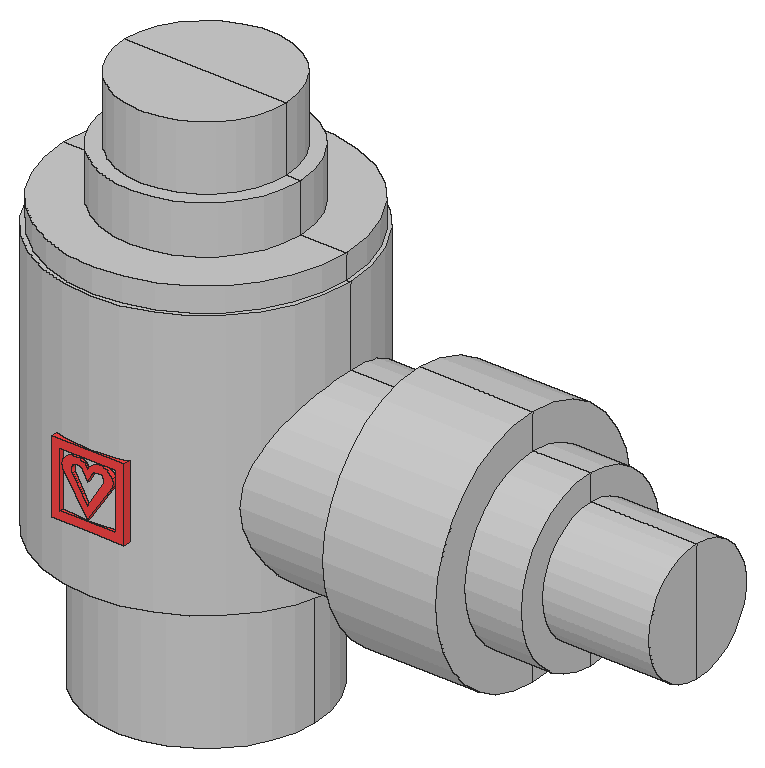
Revit family "RL-1-E Return Valve Angle Model 3724", category Rohrzubehör, Revit 2018
Family settings
  Bemaßung runder Anschluss = Durchmesser verwenden
  Teiletyp = Unterbricht
  OmniClass-Nummer = 23.65.55.14
  OmniClass-Titel = Valves for Liquid Services
  Arbeitsebenenbasiert = Nein
  Immer vertikal = Nein
  Beim Laden mit Abzugskörper schneiden = Nein
  Gemeinsam genutzt = Nein
Parameters
  W01 = 120.00°  # constant formula
  URL = "www.herzvalves.com"
  SCRNSEQ = "ARM;ARM_TYP=\"ALLF\";2"
  SCRNCODE = "05;01;02"  # constant formula
  S04 = 45.000 mm  # constant formula
  S03 [instance] = H02 - 5.000 mm + 41.000 mm  # 57.500 mm
  S02 [instance] = L04 + L03 - L02  # 26.800 mm
  S01 = 10.000 mm  # constant formula
  R04 = 10.000 mm  # constant formula
  R03 = 11.750 mm  # constant formula
  R02 = 17.500 mm  # constant formula
  Part number [instance] = size_lookup("3724_1E_", "Artnr", 0, Nennweite)  # 1372401
  Nennweite [instance] = 15.000 mm
  Model = "Standard models with nickel-plated threaded sockets."
  Medium = "Hot water purity according to ÖNORM H 5195 and/or VDI guideline 2035"
  Max. operating temperature = 110 °C  # constant formula
  Max. operating pressure = 1000000.0 Pa  # constant formula
  LO1 [instance] = R01 - 0.500 mm  # 17.500 mm
  L05 = 19.500 mm  # constant formula
  L04 [instance] = size_lookup("3724_1E_", "L4", 1.000 mm, Nennweite)  # 20.300 mm
  L03 [instance] = size_lookup("3724_1E_", "L3", 1.000 mm, Nennweite)  # 14.000 mm
  L02 [instance] = size_lookup("3724_1E_", "L2", 1.000 mm, Nennweite)  # 7.500 mm
  L01 [instance] = size_lookup("3724_1E_", "L1", 1.000 mm, Nennweite)  # 34.000 mm
  Hersteller = "HERZ Armaturen Ges.m.b.H."  # constant formula
  H06 = 14.000 mm  # constant formula
  H05 = 8.000 mm  # constant formula
  H04 = 17.000 mm  # constant formula
  H03 [instance] = H01 - D03  # 17.250 mm
  H02 [instance] = size_lookup("3724_1E_", "H2", 1.000 mm, Nennweite) - 5.000 mm  # 21.500 mm
  H01 [instance] = size_lookup("3724_1E_", "H1", 1.000 mm, Nennweite)  # 29.000 mm
  GT1 [instance] = size_lookup("3724_1E_", "GT1", 1.000 mm, Nennweite)  # 13.200 mm
  GT [instance] = size_lookup("3724_1E_", "GT", 1.000 mm, Nennweite)  # 12.300 mm
  G2 [instance] = Nennweite / 2  # 7.500 mm
  G1 [instance] = Nennweite / 2  # 7.500 mm
  R01 = 18.000 mm  # constant formula
  D05 [instance] = size_lookup("3724_1E_", "D5", 1.000 mm, Nennweite)  # 10.650 mm
  D04 [instance] = size_lookup("3724_1E_", "D4", 1.000 mm, Nennweite)  # 15.000 mm
  D03 [instance] = size_lookup("3724_1E_", "D3", 1.000 mm, Nennweite)  # 11.750 mm
  D02 [instance] = size_lookup("3724_1E_", "D2", 1.000 mm, Nennweite)  # 9.525 mm
  D01 [instance] = size_lookup("3724_1E_", "D1", 1.000 mm, Nennweite)  # 13.500 mm
  Body = "nickel-plated"  # constant formula
  Application = "Water Heating Systems\r\nInstallation of the return valve permits shutting off the return connection of the radiator.\r\nWhen the intake valve is shut at the same time, the radiator can be removed while the system is under pressure."
Reference planes
  plane 1 "Mitte (Vorne/hinten)": y = 0
  plane 2: z = 0
  plane 3 "Mitte (Links/rechts)": x = 0
Forms (mm)
  Revolve 1, solid, material "Messing, weicher Gelbton, geschweißt", detail levels fine
    sketch origin (0, 0, 0) x (1, 0, 0) y (0, 0, 1)
      loop
        line (0, 21.5) -> (-18, 21.5) -> (-18, -11.75) -> (-13.5, -11.75) -> (-13.5, -29) -> (-7.5, -29) -> (-7.5, -16.7) -> (0, -16.7) -> (0, 21.5)
      axis (0, 21.5) -> (0, -29)
    angle from 0 to 360
  Revolve 2, solid, material "Messing, weicher Gelbton, geschweißt", detail levels fine
    sketch origin (0, 0, 0) x (1, 0, 0) y (0, 0, 1)
      loop
        line (34, 0) -> (34, 9.525) -> (26.5, 9.525) -> (26.5, 11.75) -> (0, 11.75) -> (0, 0) -> (34, 0)
      axis (0, 0) -> (34, 0)
    angle from 0 to 360
  Revolve 3, solid, material "Messing, weicher Gelbton, geschweißt", detail levels fine
    sketch origin (-1, 0, 0) x (1, 0, 0) y (0, 0, 1)
      loop
        line (35, 0) -> (61.8, 0) -> (61.8, 7.5) -> (48.6, 7.5) -> (48.6, 10.65) -> (41.5, 10.65) -> (41.5, 15) -> (27.5, 15) -> (27.5, 9.525) -> (35, 9.525) -> (35, 0)
      axis (27.5, 0) -> (61.8, 0)
    angle from 0 to 360
  Revolve 4, solid, material "Messing, weicher Gelbton, geschweißt", detail levels fine
    sketch origin (0, 0, 0) x (1, 0, 0) y (0, 0, 1)
      loop
        line (0, 21.5) -> (0, 38.5) -> (-10, 38.5) -> (-10, 30.5) -> (-11.75, 30.5) -> (-11.75, 24.5) -> (-17.5, 24.5) -> (-17.5, 21.5) -> (0, 21.5)
      axis (0, 38.5) -> (0, 21.5)
    angle from 0 to 360
Lines and regions (mm)
  model lines, detail levels coarse+medium
    curve 1: line (0, 0, 0) -> (13.5, 0, -29)
    curve 2: line (13.5, 0, -29) -> (-13.5, 0, -29)
    curve 3: line (-13.5, 0, -29) -> (0, 0, 0)
    curve 4: line (0, 0, 0) -> (34, 0, 15)
    curve 5: line (34, 0, 15) -> (34, 0, -15)
    curve 6: line (34, 0, -15) -> (0, 0, 0)
    curve 7: line (34, 0, 15) -> (44, 0, 15)
    curve 8: line (44, 0, 15) -> (34, 0, 0)
    curve 9: line (34, 0, -15) -> (44, 0, -15)
    curve 10: line (44, 0, -15) -> (34, 0, 0)
    curve 11: line (34, 0, 0) -> (60.8, 0, 0)
    curve 12: line (0, 0, 0) -> (13.5, -29, 0)
    curve 13: line (13.5, -29, 0) -> (-13.5, -29, 0)
    curve 14: line (-13.5, -29, 0) -> (0, 0, 0)
    curve 15: line (0, 0, 0) -> (34, 15, 0)
    curve 16: line (34, 15, 0) -> (34, -15, 0)
    curve 17: line (34, -15, 0) -> (0, 0, 0)
    curve 18: line (34, 15, 0) -> (44, 15, 0)
    curve 19: line (44, 15, 0) -> (34, 0, 0)
    curve 20: line (34, -15, 0) -> (44, -15, 0)
    curve 21: line (34, 0, 0) -> (44, -15, 0)
Dimensions and locks
  "H02": Revolve 1 sketch curve to plane 2
  "H01": plane 2 to Revolve 1 sketch curve
  "R01": Revolve 1 sketch curve to Revolve 1 sketch curve
  "G1": Revolve 1 sketch curve to Revolve 1 sketch curve
  "D01": Revolve 1 sketch curve to Revolve 1 sketch curve
  "GT": Revolve 1 sketch curve to Revolve 1 sketch curve
  "H03": Revolve 1 sketch curve to Revolve 1 sketch curve
  "L02": Revolve 2 sketch curve to Revolve 2 sketch curve
  "LO1": nested 1 to plane 1 "Mitte (Vorne/hinten)"
  "L02": Revolve 3 sketch curve to Revolve 3 sketch curve
  "L03": Revolve 3 sketch curve to Revolve 3 sketch curve
  "L04": Revolve 3 sketch curve to Revolve 3 sketch curve
  "D04": Revolve 3 sketch curve to Revolve 3 sketch curve
  "G2": Revolve 3 sketch curve to Revolve 3 sketch curve
  "D05": Revolve 3 sketch curve to Revolve 3 sketch curve
  "GT1": Revolve 3 sketch curve to Revolve 3 sketch curve
  "L01": plane 3 "Mitte (Links/rechts)" to Revolve 3 sketch curve
  "D02": Revolve 3 sketch curve to plane 2
  "H01": plane 2 to curve 2
  "L01": curve 5 to plane 3 "Mitte (Links/rechts)"
  "D01": curve 2 to plane 3 "Mitte (Links/rechts)" to curve 3
  "D04": curve 5 to plane 2 to curve 6
  "S01": curve 5 to curve 8
  "S01": curve 5 to curve 10
  "S02": curve 11 to curve 11
  "H01": curve 13 to plane 1 "Mitte (Vorne/hinten)"
  "D01": curve 14 to plane 3 "Mitte (Links/rechts)" to curve 13
  "L01": plane 3 "Mitte (Links/rechts)" to curve 16
  "D04": curve 17 to plane 1 "Mitte (Vorne/hinten)" to curve 16
  "S01": curve 16 to curve 19
  "S01": curve 16 to curve 21
  "L01": Revolve 2 sketch curve to plane 3 "Mitte (Links/rechts)"
  "D03": Revolve 2 sketch curve to plane 2
  "D02": Revolve 2 sketch curve to plane 2
  "H02": Revolve 4 sketch curve to plane 2
  "H04": Revolve 4 sketch curve to Revolve 4 sketch curve
  "H05": Revolve 4 sketch curve to Revolve 4 sketch curve
  "H06": Revolve 4 sketch curve to Revolve 4 sketch curve
  "R04": Revolve 4 sketch curve to Revolve 4 sketch curve
  "R03": Revolve 4 sketch curve to Revolve 4 sketch curve
  "R02": Revolve 4 sketch curve to Revolve 4 sketch curve
  aligned and locked: level to plane 2
Automatic sketch dimensions
  curve 4 to level = 0.000 mm
  curve 4 to plane 3 "Mitte (Links/rechts)" = 0.000 mm
  curve 11 to level = 0.000 mm
  curve 8 to level = 0.000 mm
  plane 1 "Mitte (Vorne/hinten)" to curve 14 = 0.000 mm
  curve 14 to plane 3 "Mitte (Links/rechts)" = 0.000 mm
  plane 1 "Mitte (Vorne/hinten)" to curve 19 = 0.000 mm
  Revolve 1 sketch curve to plane 3 "Mitte (Links/rechts)" = 0.000 mm  (x2)
  Revolve 1 sketch curve to Revolve 1 sketch curve = 345.545 mm
  Revolve 1 sketch curve to Revolve 1 sketch curve = 2189.815 mm
  Revolve 2 sketch curve to level = 0.000 mm  (x2)
  Revolve 2 sketch curve to plane 3 "Mitte (Links/rechts)" = 0.000 mm
  Revolve 2 sketch curve to plane 3 "Mitte (Links/rechts)" = 1506.530 mm
  Revolve 2 sketch curve to Revolve 2 sketch curve = 1815.148 mm
  Revolve 3 sketch curve to level = 0.000 mm  (x2)
  Revolve 3 sketch curve to plane 3 "Mitte (Links/rechts)" = 1507.530 mm
  Revolve 3 sketch curve to Revolve 3 sketch curve = 1789.648 mm
  Revolve 4 sketch curve to plane 3 "Mitte (Links/rechts)" = 0.000 mm  (x2)
  Revolve 4 sketch curve to level = 366.045 mm
  Revolve 4 sketch curve to Revolve 4 sketch curve = 2164.815 mm
Nested families
  nested 1: "Herz-Logo-vorne" at (0, -17.5, 0) x (0, -1, 0) z (0, 0, 1), type "Herz-Logo-vorne", detail levels fine
Connectors
  piping at (0, 0, -16.7), diameter 15, driven by "Nennweite"
    settings: on Revolve 1, index 1, connector inside diameter 609.6 mm, connector length 0.000 mm, flow factor 0, pipe flow 0.0 L/s, pressure drop 0.0 Pa, fitting loss kfactor 0, connector angle 0.00°, fixture units 0, engagement length 0.000 mm, angle of deflection 0.00°, flow configuration 0, flow direction 1, fitting loss method 0, system type 8, joint type 0, gender type 0, connector reference index -1, connector utility 0, adjustable connector no, is connector primary yes, connector description ""
  piping at (60.8, 0, 0), diameter 15, driven by "Nennweite"
    settings: on Revolve 3, index 2, connector inside diameter 609.6 mm, connector length 0.000 mm, flow factor 0, pipe flow 0.0 L/s, pressure drop 0.0 Pa, fitting loss kfactor 0, connector angle 0.00°, fixture units 0, engagement length 0.000 mm, angle of deflection 0.00°, flow configuration 0, flow direction 2, fitting loss method 0, system type 8, joint type 0, gender type 0, connector reference index -1, connector utility 0, adjustable connector no, is connector primary no, connector description ""
Definition of nested family "Herz-Logo-vorne"
  Reference planes
    plane 1 "Mitte (Vorne/hinten)": y = 0
    plane 2: z = 0
    plane 3 "Mitte (Links/rechts)": x = 0
  Forms (mm)
    Extrusion 1, solid
      sketch origin (0.732, -0.018, 0.017) x (0, -1, 0) y (0, 0, 1)
        loop
          line (-0.018, -4.517) -> (4.482, -4.517) -> (4.482, 4.483) -> (-4.518, 4.483) -> (-4.518, -4.517) -> (-0.018, -4.517)
        loop
          line (-0.05, -3.48) -> (3.482, -3.48) -> (3.482, 3.483) -> (-3.518, 3.483) -> (-3.518, -3.48) -> (-0.05, -3.48)
        loop
          arc (-0.018, 2.383) -> (-1.543, 3.287) -> (-3.067, 2.383) r 1.738
          arc (-3.067, 2.383) -> (-3.191, 1.899) -> (-3.067, 1.415) r 1.009
          line (-3.067, 1.415) -> (-0.018, -3.281) -> (3.032, 1.415)
          arc (3.032, 1.415) -> (3.156, 1.899) -> (3.032, 2.383) r 1.009
          arc (3.032, 2.383) -> (1.507, 3.287) -> (-0.018, 2.383) r 1.738
        loop
          arc (1.885, 1.272) -> (2.005, 1.675) -> (1.885, 2.079) r 0.74
          arc (1.885, 2.079) -> (1.265, 2.416) -> (0.644, 2.079) r 0.74
          line (0.644, 2.079) -> (-0.018, 0.97) -> (-0.679, 2.079)
          arc (-0.679, 2.079) -> (-1.3, 2.416) -> (-1.921, 2.079) r 0.74
          arc (-1.921, 2.079) -> (-2.04, 1.675) -> (-1.921, 1.272) r 0.74
          line (-1.921, 1.272) -> (-0.018, -1.658) -> (1.885, 1.272)
      from 0 to 1.5
  Dimensions and locks
    aligned and locked: level to plane 2
